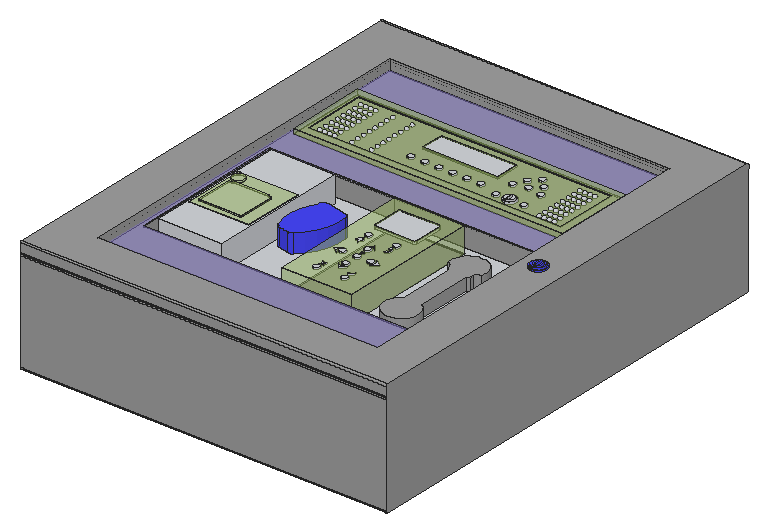
Revit family "Maxlogic Intelligent Addressable Fire Alarm Control Panel, up to 16 Loops, Printer, Telephone, Announce NPTA", category Fire Alarm Devices, host Face, Revit 2022
Family settings
  Host = Face
  Round Connector Dimension = Use Diameter
  Part Type = Normal
  OmniClass Number = 23.85.30.21
  OmniClass Title = Environmental Detection/Registration
  Cut with Voids When Loaded = No
  Maintain Annotation Orientation = Yes
  Shared = No
  Room Calculation Point = No
Parameters (values of type "Maxlogic Intelligent Addressable Fire alarm control panel, 9 loops, 1143 address, network, printer, tel. PA.")
  Weight = "Max. 38,500 kg"
  Weatherproof surface mounting back box = ""
  Warranty Duration Unit = "Year"
  Warranty Duration Parts = "2"
  Warranty Duration Labor = "2"
  Version = ""
  URL = "https://www.mavili.com.tr/en"
  Recessed mounting base = ""
  Public Works Pose Number = ""
  Protection Sign = "IP30"
  Product Code = "ML-1259.NPTA"
  Phone Number = "(+)90 216 466 45 05"
  Operatonal Voltage (default) = ""
  Operating voltage range = ""
  Operating temperature = "(-10°C) - (+55°C)"
  Nominal Depth = "205 mm"
  Nominal Width = "650 mm"
  Nominal Height = "800 mm"
  Mounting surface = "Wall Mount"
  Mounting height = ""
  Model = "MaxLogic"
  Manufacturer = "Mavili Elektronik Ticaret A.Ş."
  Installation Manual = "https://mavilielektronik.com/Revit/ML125XX_enkk.pdf"
  Indicator output = ""
  Fax Number = "(+)90 216 466 45 10"
  External supply = "220 V AC"
  Email = "mavili@mavili.com.tr"
  Disclaimer = ""
  Device Adress Setup = ""
  Description = "Intelligent Addressable Fire alarm control panel, 9 loops, 1143 address, network, printer, tel. PA."
  Default Elevation = 0 mm
  Current consumption = ""
  Cost unıt = ""
  Cost = 0
  Compatible sockets = ""
  Color = "Red"
  Code Performance = "EN 54\u001f-2 / EN 54-\u001f4"
  Main Material = "Metal Red"
  Secondary Material = "Plexiglas"
  Battery = "4 X (12V DC 7 Ah )"
  Address line 1 = "Şerifali Mahallesi Kutup Sokak No:27/1-2-4 Ümraniye TR-34775 İSTANBUL"
Reference planes
  plane 1 "Center (Front/Back)": y = 0
  plane 2: z = 0
  plane 3 "Center (Left/Right)": x = 0
Forms (mm)
  Extrusion 1, solid, material "MAVİLİ KIRMIZI"
    sketch origin (0, 0, 0) x (0, 1, 0) y (0, 0, 1)
      loop
        arc (400, 0) -> (401.202, 0.498) -> (401.7, 1.7) r 1.7
        line (401.7, 1.7) -> (401.7, 20) -> (401.7, 22) -> (401.7, 169.2) -> (401.7, 171.2) -> (401.7, 181.2)
        arc (401.7, 181.2) -> (401.319, 182.119) -> (400.4, 182.5) r 1.3
        line (400.4, 182.5) -> (375.5, 182.5) -> (375.5, 183.35) -> (400.4, 183.35)
        arc (400.4, 183.35) -> (402.238, 184.112) -> (403, 185.95) r 2.6
        line (403, 185.95) -> (403, 202.45)
        arc (403, 202.45) -> (402.268, 204.218) -> (400.5, 204.95) r 2.5
        line (400.5, 204.95) -> (-400.5, 204.95)
        arc (-400.5, 204.95) -> (-402.268, 204.218) -> (-403, 202.45) r 2.5
        line (-403, 202.45) -> (-403, 185.95)
        arc (-403, 185.95) -> (-402.238, 184.112) -> (-400.4, 183.35) r 2.6
        line (-400.4, 183.35) -> (-388, 183.35) -> (-375.4, 183.35) -> (-375.4, 182.507) -> (-400.401, 182.507)
        arc (-400.401, 182.507) -> (-401.319, 182.127) -> (-401.7, 181.208) r 1.299
        line (-401.7, 181.208) -> (-401.7, 1.7)
        arc (-401.7, 1.7) -> (-401.202, 0.498) -> (-400, 0) r 1.7
        line (-400, 0) -> (400, 0)
    from 0 to 653.309
  Extrusion 2, solid, material "MAVİLİ KOYU GRİ"
    sketch origin (0, 400.5, 204.95) x (0, -1, 0) y (1, 0, 0)
      loop
        circle (408.79, 607.566) r 14.964
    from 0 to 1.467
  Extrusion 3, solid, material "MAVİLİ KOYU GRİ"
    sketch origin (0, 400.5, 204.95) x (0, -1, 0) y (1, 0, 0)
      loop
        circle (408.79, 607.566) r 11.5
    from 0 to 3.526
  Extrusion 4, solid, material "MAVİLİ KOYU GRİ"
    sketch origin (0, 400.5, 204.95) x (0, -1, 0) y (1, 0, 0)
      loop
        circle (408.79, 607.566) r 7.5
    from 0 to 4.805
  Extrusion 5, solid, material "MAVİLİ KOYU GRİ"
    sketch origin (0, 400.5, 204.95) x (0, -1, 0) y (1, 0, 0)
      loop
        line (414.975, 609.11) -> (402.606, 609.11) -> (402.606, 606.022) -> (414.975, 606.022) -> (414.975, 609.11)
    from 0 to 7.467
  Extrusion 6, void
    sketch origin (0, 0, 0) x (1, 0, 0) y (0, 1, 0)
      loop
        line (77.8, 322.429) -> (77.8, -327.571) -> (577.8, -327.571) -> (577.8, 322.429) -> (77.8, 322.429)
    from 185.95 to 212.35
  Extrusion 7, solid, material "MAVİLİ BEYAZ"
    sketch origin (0, 0, 185.95) x (1, 0, 0) y (0, 1, 0)
      loop
        line (87.8, 238.929) -> (87.8, 95.929) -> (567.8, 95.929) -> (567.8, 238.929) -> (87.8, 238.929)
    from 0 to 11.04
  Extrusion 8, void
    sketch origin (0, 0, 196.99) x (0, 1, 0) y (1, 0, 0)
      loop
        line (223.929, 102.8) -> (223.929, 552.8) -> (110.929, 552.8) -> (110.929, 102.8) -> (223.929, 102.8)
    from 0 to 2.067
  Revolve 9, solid
    sketch origin (0, 0, 194.923) x (0, 1, 0) y (-1, 0, 0)
      loop
        line (211.929, -117.7) -> (205.929, -117.7)
        arc (205.929, -117.7) -> (208.929, -120.7) -> (211.929, -117.7) r 3
      axis (211.929, -117.7) -> (205.929, -117.7)
    angle from 0 to -180
  Revolve 10, solid
    sketch origin (9, 0, 194.923) x (0, 1, 0) y (-1, 0, 0)
      loop
        line (211.929, -117.7) -> (205.929, -117.7)
        arc (205.929, -117.7) -> (208.929, -120.7) -> (211.929, -117.7) r 3
      axis (211.929, -117.7) -> (205.929, -117.7)
    angle from 0 to -180
  Revolve 11, solid
    sketch origin (18, 0, 194.923) x (0, 1, 0) y (-1, 0, 0)
      loop
        line (211.929, -117.7) -> (205.929, -117.7)
        arc (205.929, -117.7) -> (208.929, -120.7) -> (211.929, -117.7) r 3
      axis (211.929, -117.7) -> (205.929, -117.7)
    angle from 0 to -180
  Revolve 12, solid
    sketch origin (27, 0, 194.923) x (0, 1, 0) y (-1, 0, 0)
      loop
        line (211.929, -117.7) -> (205.929, -117.7)
        arc (205.929, -117.7) -> (208.929, -120.7) -> (211.929, -117.7) r 3
      axis (211.929, -117.7) -> (205.929, -117.7)
    angle from 0 to -180
  Revolve 13, solid
    sketch origin (0, -13, 194.923) x (0, 1, 0) y (-1, 0, 0)
      loop
        line (211.929, -117.7) -> (205.929, -117.7)
        arc (205.929, -117.7) -> (208.929, -120.7) -> (211.929, -117.7) r 3
      axis (211.929, -117.7) -> (205.929, -117.7)
    angle from 0 to -180
  Revolve 14, solid
    sketch origin (9, -13, 194.923) x (0, 1, 0) y (-1, 0, 0)
      loop
        line (211.929, -117.7) -> (205.929, -117.7)
        arc (205.929, -117.7) -> (208.929, -120.7) -> (211.929, -117.7) r 3
      axis (211.929, -117.7) -> (205.929, -117.7)
    angle from 0 to -180
  Revolve 15, solid
    sketch origin (18, -13, 194.923) x (0, 1, 0) y (-1, 0, 0)
      loop
        line (211.929, -117.7) -> (205.929, -117.7)
        arc (205.929, -117.7) -> (208.929, -120.7) -> (211.929, -117.7) r 3
      axis (211.929, -117.7) -> (205.929, -117.7)
    angle from 0 to -180
  Revolve 16, solid
    sketch origin (27, -13, 194.923) x (0, 1, 0) y (-1, 0, 0)
      loop
        line (211.929, -117.7) -> (205.929, -117.7)
        arc (205.929, -117.7) -> (208.929, -120.7) -> (211.929, -117.7) r 3
      axis (211.929, -117.7) -> (205.929, -117.7)
    angle from 0 to -180
  Revolve 17, solid
    sketch origin (0, -26, 194.923) x (0, 1, 0) y (-1, 0, 0)
      loop
        line (211.929, -117.7) -> (205.929, -117.7)
        arc (205.929, -117.7) -> (208.929, -120.7) -> (211.929, -117.7) r 3
      axis (211.929, -117.7) -> (205.929, -117.7)
    angle from 0 to -180
  Revolve 18, solid
    sketch origin (9, -26, 194.923) x (0, 1, 0) y (-1, 0, 0)
      loop
        line (211.929, -117.7) -> (205.929, -117.7)
        arc (205.929, -117.7) -> (208.929, -120.7) -> (211.929, -117.7) r 3
      axis (211.929, -117.7) -> (205.929, -117.7)
    angle from 0 to -180
  Revolve 19, solid
    sketch origin (18, -26, 194.923) x (0, 1, 0) y (-1, 0, 0)
      loop
        line (211.929, -117.7) -> (205.929, -117.7)
        arc (205.929, -117.7) -> (208.929, -120.7) -> (211.929, -117.7) r 3
      axis (211.929, -117.7) -> (205.929, -117.7)
    angle from 0 to -180
  Revolve 20, solid
    sketch origin (27, -26, 194.923) x (0, 1, 0) y (-1, 0, 0)
      loop
        line (211.929, -117.7) -> (205.929, -117.7)
        arc (205.929, -117.7) -> (208.929, -120.7) -> (211.929, -117.7) r 3
      axis (211.929, -117.7) -> (205.929, -117.7)
    angle from 0 to -180
  Revolve 21, solid
    sketch origin (0, -39, 194.923) x (0, 1, 0) y (-1, 0, 0)
      loop
        line (211.929, -117.7) -> (205.929, -117.7)
        arc (205.929, -117.7) -> (208.929, -120.7) -> (211.929, -117.7) r 3
      axis (211.929, -117.7) -> (205.929, -117.7)
    angle from 0 to -180
  Revolve 22, solid
    sketch origin (9, -39, 194.923) x (0, 1, 0) y (-1, 0, 0)
      loop
        line (211.929, -117.7) -> (205.929, -117.7)
        arc (205.929, -117.7) -> (208.929, -120.7) -> (211.929, -117.7) r 3
      axis (211.929, -117.7) -> (205.929, -117.7)
    angle from 0 to -180
  Revolve 23, solid
    sketch origin (18, -39, 194.923) x (0, 1, 0) y (-1, 0, 0)
      loop
        line (211.929, -117.7) -> (205.929, -117.7)
        arc (205.929, -117.7) -> (208.929, -120.7) -> (211.929, -117.7) r 3
      axis (211.929, -117.7) -> (205.929, -117.7)
    angle from 0 to -180
  Revolve 24, solid
    sketch origin (27, -39, 194.923) x (0, 1, 0) y (-1, 0, 0)
      loop
        line (211.929, -117.7) -> (205.929, -117.7)
        arc (205.929, -117.7) -> (208.929, -120.7) -> (211.929, -117.7) r 3
      axis (211.929, -117.7) -> (205.929, -117.7)
    angle from 0 to -180
  Revolve 25, solid
    sketch origin (0, -52, 194.923) x (0, 1, 0) y (-1, 0, 0)
      loop
        line (211.929, -117.7) -> (205.929, -117.7)
        arc (205.929, -117.7) -> (208.929, -120.7) -> (211.929, -117.7) r 3
      axis (211.929, -117.7) -> (205.929, -117.7)
    angle from 0 to -180
  Revolve 26, solid
    sketch origin (9, -52, 194.923) x (0, 1, 0) y (-1, 0, 0)
      loop
        line (211.929, -117.7) -> (205.929, -117.7)
        arc (205.929, -117.7) -> (208.929, -120.7) -> (211.929, -117.7) r 3
      axis (211.929, -117.7) -> (205.929, -117.7)
    angle from 0 to -180
  Revolve 27, solid
    sketch origin (18, -52, 194.923) x (0, 1, 0) y (-1, 0, 0)
      loop
        line (211.929, -117.7) -> (205.929, -117.7)
        arc (205.929, -117.7) -> (208.929, -120.7) -> (211.929, -117.7) r 3
      axis (211.929, -117.7) -> (205.929, -117.7)
    angle from 0 to -180
  Revolve 28, solid
    sketch origin (27, -52, 194.923) x (0, 1, 0) y (-1, 0, 0)
      loop
        line (211.929, -117.7) -> (205.929, -117.7)
        arc (205.929, -117.7) -> (208.929, -120.7) -> (211.929, -117.7) r 3
      axis (211.929, -117.7) -> (205.929, -117.7)
    angle from 0 to -180
  Revolve 29, solid
    sketch origin (0, -65, 194.923) x (0, 1, 0) y (-1, 0, 0)
      loop
        line (211.929, -117.7) -> (205.929, -117.7)
        arc (205.929, -117.7) -> (208.929, -120.7) -> (211.929, -117.7) r 3
      axis (211.929, -117.7) -> (205.929, -117.7)
    angle from 0 to -180
  Revolve 30, solid
    sketch origin (9, -65, 194.923) x (0, 1, 0) y (-1, 0, 0)
      loop
        line (211.929, -117.7) -> (205.929, -117.7)
        arc (205.929, -117.7) -> (208.929, -120.7) -> (211.929, -117.7) r 3
      axis (211.929, -117.7) -> (205.929, -117.7)
    angle from 0 to -180
  Revolve 31, solid
    sketch origin (18, -65, 194.923) x (0, 1, 0) y (-1, 0, 0)
      loop
        line (211.929, -117.7) -> (205.929, -117.7)
        arc (205.929, -117.7) -> (208.929, -120.7) -> (211.929, -117.7) r 3
      axis (211.929, -117.7) -> (205.929, -117.7)
    angle from 0 to -180
  Revolve 32, solid
    sketch origin (27, -65, 194.923) x (0, 1, 0) y (-1, 0, 0)
      loop
        line (211.929, -117.7) -> (205.929, -117.7)
        arc (205.929, -117.7) -> (208.929, -120.7) -> (211.929, -117.7) r 3
      axis (211.929, -117.7) -> (205.929, -117.7)
    angle from 0 to -180
  Revolve 33, solid
    sketch origin (0, -78, 194.923) x (0, 1, 0) y (-1, 0, 0)
      loop
        line (211.929, -117.7) -> (205.929, -117.7)
        arc (205.929, -117.7) -> (208.929, -120.7) -> (211.929, -117.7) r 3
      axis (211.929, -117.7) -> (205.929, -117.7)
    angle from 0 to -180
  Revolve 34, solid
    sketch origin (9, -78, 194.923) x (0, 1, 0) y (-1, 0, 0)
      loop
        line (211.929, -117.7) -> (205.929, -117.7)
        arc (205.929, -117.7) -> (208.929, -120.7) -> (211.929, -117.7) r 3
      axis (211.929, -117.7) -> (205.929, -117.7)
    angle from 0 to -180
  Revolve 35, solid
    sketch origin (18, -78, 194.923) x (0, 1, 0) y (-1, 0, 0)
      loop
        line (211.929, -117.7) -> (205.929, -117.7)
        arc (205.929, -117.7) -> (208.929, -120.7) -> (211.929, -117.7) r 3
      axis (211.929, -117.7) -> (205.929, -117.7)
    angle from 0 to -180
  Revolve 36, solid
    sketch origin (27, -78, 194.923) x (0, 1, 0) y (-1, 0, 0)
      loop
        line (211.929, -117.7) -> (205.929, -117.7)
        arc (205.929, -117.7) -> (208.929, -120.7) -> (211.929, -117.7) r 3
      axis (211.929, -117.7) -> (205.929, -117.7)
    angle from 0 to -180
  Revolve 37, solid
    sketch origin (0, -91, 194.923) x (0, 1, 0) y (-1, 0, 0)
      loop
        line (211.929, -117.7) -> (205.929, -117.7)
        arc (205.929, -117.7) -> (208.929, -120.7) -> (211.929, -117.7) r 3
      axis (211.929, -117.7) -> (205.929, -117.7)
    angle from 0 to -180
  Revolve 38, solid
    sketch origin (9, -91, 194.923) x (0, 1, 0) y (-1, 0, 0)
      loop
        line (211.929, -117.7) -> (205.929, -117.7)
        arc (205.929, -117.7) -> (208.929, -120.7) -> (211.929, -117.7) r 3
      axis (211.929, -117.7) -> (205.929, -117.7)
    angle from 0 to -180
  Revolve 39, solid
    sketch origin (18, -91, 194.923) x (0, 1, 0) y (-1, 0, 0)
      loop
        line (211.929, -117.7) -> (205.929, -117.7)
        arc (205.929, -117.7) -> (208.929, -120.7) -> (211.929, -117.7) r 3
      axis (211.929, -117.7) -> (205.929, -117.7)
    angle from 0 to -180
  Revolve 40, solid
    sketch origin (27, -91, 194.923) x (0, 1, 0) y (-1, 0, 0)
      loop
        line (211.929, -117.7) -> (205.929, -117.7)
        arc (205.929, -117.7) -> (208.929, -120.7) -> (211.929, -117.7) r 3
      axis (211.929, -117.7) -> (205.929, -117.7)
    angle from 0 to -180
  Revolve 41, solid
    sketch origin (57, 0, 194.923) x (0, 1, 0) y (-1, 0, 0)
      loop
        line (211.929, -117.7) -> (205.929, -117.7)
        arc (205.929, -117.7) -> (208.929, -120.7) -> (211.929, -117.7) r 3
      axis (211.929, -117.7) -> (205.929, -117.7)
    angle from 0 to -180
  Revolve 42, solid
    sketch origin (57, -13, 194.923) x (0, 1, 0) y (-1, 0, 0)
      loop
        line (211.929, -117.7) -> (205.929, -117.7)
        arc (205.929, -117.7) -> (208.929, -120.7) -> (211.929, -117.7) r 3
      axis (211.929, -117.7) -> (205.929, -117.7)
    angle from 0 to -180
  Revolve 43, solid
    sketch origin (57, -26, 194.923) x (0, 1, 0) y (-1, 0, 0)
      loop
        line (211.929, -117.7) -> (205.929, -117.7)
        arc (205.929, -117.7) -> (208.929, -120.7) -> (211.929, -117.7) r 3
      axis (211.929, -117.7) -> (205.929, -117.7)
    angle from 0 to -180
  Revolve 44, solid
    sketch origin (57, -39, 194.923) x (0, 1, 0) y (-1, 0, 0)
      loop
        line (211.929, -117.7) -> (205.929, -117.7)
        arc (205.929, -117.7) -> (208.929, -120.7) -> (211.929, -117.7) r 3
      axis (211.929, -117.7) -> (205.929, -117.7)
    angle from 0 to -180
  Revolve 45, solid
    sketch origin (57, -52, 194.923) x (0, 1, 0) y (-1, 0, 0)
      loop
        line (211.929, -117.7) -> (205.929, -117.7)
        arc (205.929, -117.7) -> (208.929, -120.7) -> (211.929, -117.7) r 3
      axis (211.929, -117.7) -> (205.929, -117.7)
    angle from 0 to -180
  Revolve 46, solid
    sketch origin (57, -65, 194.923) x (0, 1, 0) y (-1, 0, 0)
      loop
        line (211.929, -117.7) -> (205.929, -117.7)
        arc (205.929, -117.7) -> (208.929, -120.7) -> (211.929, -117.7) r 3
      axis (211.929, -117.7) -> (205.929, -117.7)
    angle from 0 to -180
  Revolve 47, solid
    sketch origin (57, -78, 194.923) x (0, 1, 0) y (-1, 0, 0)
      loop
        line (211.929, -117.7) -> (205.929, -117.7)
        arc (205.929, -117.7) -> (208.929, -120.7) -> (211.929, -117.7) r 3
      axis (211.929, -117.7) -> (205.929, -117.7)
    angle from 0 to -180
  Revolve 48, solid
    sketch origin (57, -91, 194.923) x (0, 1, 0) y (-1, 0, 0)
      loop
        line (211.929, -117.7) -> (205.929, -117.7)
        arc (205.929, -117.7) -> (208.929, -120.7) -> (211.929, -117.7) r 3
      axis (211.929, -117.7) -> (205.929, -117.7)
    angle from 0 to -180
  Revolve 49, solid
    sketch origin (92, 0, 194.923) x (0, 1, 0) y (-1, 0, 0)
      loop
        line (211.929, -117.7) -> (205.929, -117.7)
        arc (205.929, -117.7) -> (208.929, -120.7) -> (211.929, -117.7) r 3
      axis (211.929, -117.7) -> (205.929, -117.7)
    angle from 0 to -180
  Revolve 50, solid
    sketch origin (92, -13, 194.923) x (0, 1, 0) y (-1, 0, 0)
      loop
        line (211.929, -117.7) -> (205.929, -117.7)
        arc (205.929, -117.7) -> (208.929, -120.7) -> (211.929, -117.7) r 3
      axis (211.929, -117.7) -> (205.929, -117.7)
    angle from 0 to -180
  Revolve 51, solid
    sketch origin (92, -26, 194.923) x (0, 1, 0) y (-1, 0, 0)
      loop
        line (211.929, -117.7) -> (205.929, -117.7)
        arc (205.929, -117.7) -> (208.929, -120.7) -> (211.929, -117.7) r 3
      axis (211.929, -117.7) -> (205.929, -117.7)
    angle from 0 to -180
  Revolve 52, solid
    sketch origin (92, -39, 194.923) x (0, 1, 0) y (-1, 0, 0)
      loop
        line (211.929, -117.7) -> (205.929, -117.7)
        arc (205.929, -117.7) -> (208.929, -120.7) -> (211.929, -117.7) r 3
      axis (211.929, -117.7) -> (205.929, -117.7)
    angle from 0 to -180
  Revolve 53, solid
    sketch origin (92, -52, 194.923) x (0, 1, 0) y (-1, 0, 0)
      loop
        line (211.929, -117.7) -> (205.929, -117.7)
        arc (205.929, -117.7) -> (208.929, -120.7) -> (211.929, -117.7) r 3
      axis (211.929, -117.7) -> (205.929, -117.7)
    angle from 0 to -180
  Revolve 54, solid
    sketch origin (92, -65, 194.923) x (0, 1, 0) y (-1, 0, 0)
      loop
        line (211.929, -117.7) -> (205.929, -117.7)
        arc (205.929, -117.7) -> (208.929, -120.7) -> (211.929, -117.7) r 3
      axis (211.929, -117.7) -> (205.929, -117.7)
    angle from 0 to -180
  Revolve 55, solid
    sketch origin (92, -78, 194.923) x (0, 1, 0) y (-1, 0, 0)
      loop
        line (211.929, -117.7) -> (205.929, -117.7)
        arc (205.929, -117.7) -> (208.929, -120.7) -> (211.929, -117.7) r 3
      axis (211.929, -117.7) -> (205.929, -117.7)
    angle from 0 to -180
  Revolve 56, solid
    sketch origin (92, -91, 194.923) x (0, 1, 0) y (-1, 0, 0)
      loop
        line (211.929, -117.7) -> (205.929, -117.7)
        arc (205.929, -117.7) -> (208.929, -120.7) -> (211.929, -117.7) r 3
      axis (211.929, -117.7) -> (205.929, -117.7)
    angle from 0 to -180
  Extrusion 57, solid
    sketch origin (0, 0, 194.923) x (0, 1, 0) y (-1, 0, 0)
      loop
        circle (137.429, -264.2) r 5.5
    from 0 to 1.44
  Extrusion 58, solid
    sketch origin (25, 0, 194.923) x (0, 1, 0) y (-1, 0, 0)
      loop
        circle (137.429, -264.2) r 5.5
    from 0 to 1.44
  Extrusion 59, solid
    sketch origin (50, 0, 194.923) x (0, 1, 0) y (-1, 0, 0)
      loop
        circle (137.429, -264.2) r 5.5
    from 0 to 1.44
  Extrusion 60, solid
    sketch origin (75, 0, 194.923) x (0, 1, 0) y (-1, 0, 0)
      loop
        circle (137.429, -264.2) r 5.5
    from 0 to 1.44
  Extrusion 61, solid
    sketch origin (100, 0, 194.923) x (0, 1, 0) y (-1, 0, 0)
      loop
        circle (137.429, -264.2) r 5.5
    from 0 to 1.44
  Extrusion 62, solid
    sketch origin (125, 0, 194.923) x (0, 1, 0) y (-1, 0, 0)
      loop
        circle (137.429, -264.2) r 5.5
    from 0 to 1.44
  Extrusion 63, solid
    sketch origin (159.838, -9.99, 194.923) x (0, 1, 0) y (-1, 0, 0)
      loop
        circle (137.429, -264.2) r 5.5
    from 0 to 1.44
  Extrusion 64, solid
    sketch origin (209.838, -9.99, 194.923) x (0, 1, 0) y (-1, 0, 0)
      loop
        circle (137.429, -264.2) r 5.5
    from 0 to 1.44
  Extrusion 65, solid
    sketch origin (209.838, 27.51, 194.923) x (0, 1, 0) y (-1, 0, 0)
      loop
        circle (137.429, -264.2) r 5.5
    from 0 to 1.44
  Extrusion 66, solid
    sketch origin (184.09, 32.515, 194.923) x (0, 1, 0) y (-1, 0, 0)
      loop
        circle (137.429, -264.2) r 5.5
    from 0 to 1.44
  Extrusion 67, solid
    sketch origin (159.636, 27.318, 194.923) x (0, 1, 0) y (-1, 0, 0)
      loop
        circle (137.429, -264.2) r 5.5
    from 0 to 1.44
  Extrusion 68, solid
    sketch origin (169.48, 47.5, 194.923) x (0, 1, 0) y (-1, 0, 0)
      loop
        circle (137.429, -264.2) r 5.5
    from 0 to 1.44
  Extrusion 69, solid
    sketch origin (199.52, 47.5, 194.923) x (0, 1, 0) y (-1, 0, 0)
      loop
        circle (137.429, -264.2) r 5.5
    from 0 to 1.44
  Extrusion 70, solid
    sketch origin (184.52, 62.5, 194.923) x (0, 1, 0) y (-1, 0, 0)
      loop
        circle (137.429, -264.2) r 5.5
    from 0 to 1.44
  Revolve 71, solid
    sketch origin (391, 0, 194.923) x (0, 1, 0) y (-1, 0, 0)
      loop
        line (211.929, -117.7) -> (205.929, -117.7)
        arc (205.929, -117.7) -> (208.929, -120.7) -> (211.929, -117.7) r 3
      axis (211.929, -117.7) -> (205.929, -117.7)
    angle from 0 to -180
  Revolve 72, solid
    sketch origin (400, 0, 194.923) x (0, 1, 0) y (-1, 0, 0)
      loop
        line (211.929, -117.7) -> (205.929, -117.7)
        arc (205.929, -117.7) -> (208.929, -120.7) -> (211.929, -117.7) r 3
      axis (211.929, -117.7) -> (205.929, -117.7)
    angle from 0 to -180
  Revolve 73, solid
    sketch origin (409, 0, 194.923) x (0, 1, 0) y (-1, 0, 0)
      loop
        line (211.929, -117.7) -> (205.929, -117.7)
        arc (205.929, -117.7) -> (208.929, -120.7) -> (211.929, -117.7) r 3
      axis (211.929, -117.7) -> (205.929, -117.7)
    angle from 0 to -180
  Revolve 74, solid
    sketch origin (418, 0, 194.923) x (0, 1, 0) y (-1, 0, 0)
      loop
        line (211.929, -117.7) -> (205.929, -117.7)
        arc (205.929, -117.7) -> (208.929, -120.7) -> (211.929, -117.7) r 3
      axis (211.929, -117.7) -> (205.929, -117.7)
    angle from 0 to -180
  Revolve 75, solid
    sketch origin (391, -13, 194.923) x (0, 1, 0) y (-1, 0, 0)
      loop
        line (211.929, -117.7) -> (205.929, -117.7)
        arc (205.929, -117.7) -> (208.929, -120.7) -> (211.929, -117.7) r 3
      axis (211.929, -117.7) -> (205.929, -117.7)
    angle from 0 to -180
  Revolve 76, solid
    sketch origin (400, -13, 194.923) x (0, 1, 0) y (-1, 0, 0)
      loop
        line (211.929, -117.7) -> (205.929, -117.7)
        arc (205.929, -117.7) -> (208.929, -120.7) -> (211.929, -117.7) r 3
      axis (211.929, -117.7) -> (205.929, -117.7)
    angle from 0 to -180
  Revolve 77, solid
    sketch origin (409, -13, 194.923) x (0, 1, 0) y (-1, 0, 0)
      loop
        line (211.929, -117.7) -> (205.929, -117.7)
        arc (205.929, -117.7) -> (208.929, -120.7) -> (211.929, -117.7) r 3
      axis (211.929, -117.7) -> (205.929, -117.7)
    angle from 0 to -180
  Revolve 78, solid
    sketch origin (418, -13, 194.923) x (0, 1, 0) y (-1, 0, 0)
      loop
        line (211.929, -117.7) -> (205.929, -117.7)
        arc (205.929, -117.7) -> (208.929, -120.7) -> (211.929, -117.7) r 3
      axis (211.929, -117.7) -> (205.929, -117.7)
    angle from 0 to -180
  Revolve 79, solid
    sketch origin (391, -26, 194.923) x (0, 1, 0) y (-1, 0, 0)
      loop
        line (211.929, -117.7) -> (205.929, -117.7)
        arc (205.929, -117.7) -> (208.929, -120.7) -> (211.929, -117.7) r 3
      axis (211.929, -117.7) -> (205.929, -117.7)
    angle from 0 to -180
  Revolve 80, solid
    sketch origin (400, -26, 194.923) x (0, 1, 0) y (-1, 0, 0)
      loop
        line (211.929, -117.7) -> (205.929, -117.7)
        arc (205.929, -117.7) -> (208.929, -120.7) -> (211.929, -117.7) r 3
      axis (211.929, -117.7) -> (205.929, -117.7)
    angle from 0 to -180
  Revolve 81, solid
    sketch origin (409, -26, 194.923) x (0, 1, 0) y (-1, 0, 0)
      loop
        line (211.929, -117.7) -> (205.929, -117.7)
        arc (205.929, -117.7) -> (208.929, -120.7) -> (211.929, -117.7) r 3
      axis (211.929, -117.7) -> (205.929, -117.7)
    angle from 0 to -180
  Revolve 82, solid
    sketch origin (418, -26, 194.923) x (0, 1, 0) y (-1, 0, 0)
      loop
        line (211.929, -117.7) -> (205.929, -117.7)
        arc (205.929, -117.7) -> (208.929, -120.7) -> (211.929, -117.7) r 3
      axis (211.929, -117.7) -> (205.929, -117.7)
    angle from 0 to -180
  Revolve 83, solid
    sketch origin (391, -39, 194.923) x (0, 1, 0) y (-1, 0, 0)
      loop
        line (211.929, -117.7) -> (205.929, -117.7)
        arc (205.929, -117.7) -> (208.929, -120.7) -> (211.929, -117.7) r 3
      axis (211.929, -117.7) -> (205.929, -117.7)
    angle from 0 to -180
  Revolve 84, solid
    sketch origin (400, -39, 194.923) x (0, 1, 0) y (-1, 0, 0)
      loop
        line (211.929, -117.7) -> (205.929, -117.7)
        arc (205.929, -117.7) -> (208.929, -120.7) -> (211.929, -117.7) r 3
      axis (211.929, -117.7) -> (205.929, -117.7)
    angle from 0 to -180
  Revolve 85, solid
    sketch origin (409, -39, 194.923) x (0, 1, 0) y (-1, 0, 0)
      loop
        line (211.929, -117.7) -> (205.929, -117.7)
        arc (205.929, -117.7) -> (208.929, -120.7) -> (211.929, -117.7) r 3
      axis (211.929, -117.7) -> (205.929, -117.7)
    angle from 0 to -180
  Revolve 86, solid
    sketch origin (418, -39, 194.923) x (0, 1, 0) y (-1, 0, 0)
      loop
        line (211.929, -117.7) -> (205.929, -117.7)
        arc (205.929, -117.7) -> (208.929, -120.7) -> (211.929, -117.7) r 3
      axis (211.929, -117.7) -> (205.929, -117.7)
    angle from 0 to -180
  Revolve 87, solid
    sketch origin (391, -52, 194.923) x (0, 1, 0) y (-1, 0, 0)
      loop
        line (211.929, -117.7) -> (205.929, -117.7)
        arc (205.929, -117.7) -> (208.929, -120.7) -> (211.929, -117.7) r 3
      axis (211.929, -117.7) -> (205.929, -117.7)
    angle from 0 to -180
  Revolve 88, solid
    sketch origin (400, -52, 194.923) x (0, 1, 0) y (-1, 0, 0)
      loop
        line (211.929, -117.7) -> (205.929, -117.7)
        arc (205.929, -117.7) -> (208.929, -120.7) -> (211.929, -117.7) r 3
      axis (211.929, -117.7) -> (205.929, -117.7)
    angle from 0 to -180
  Revolve 89, solid
    sketch origin (409, -52, 194.923) x (0, 1, 0) y (-1, 0, 0)
      loop
        line (211.929, -117.7) -> (205.929, -117.7)
        arc (205.929, -117.7) -> (208.929, -120.7) -> (211.929, -117.7) r 3
      axis (211.929, -117.7) -> (205.929, -117.7)
    angle from 0 to -180
  Revolve 90, solid
    sketch origin (418, -52, 194.923) x (0, 1, 0) y (-1, 0, 0)
      loop
        line (211.929, -117.7) -> (205.929, -117.7)
        arc (205.929, -117.7) -> (208.929, -120.7) -> (211.929, -117.7) r 3
      axis (211.929, -117.7) -> (205.929, -117.7)
    angle from 0 to -180
  Revolve 91, solid
    sketch origin (391, -65, 194.923) x (0, 1, 0) y (-1, 0, 0)
      loop
        line (211.929, -117.7) -> (205.929, -117.7)
        arc (205.929, -117.7) -> (208.929, -120.7) -> (211.929, -117.7) r 3
      axis (211.929, -117.7) -> (205.929, -117.7)
    angle from 0 to -180
  Revolve 92, solid
    sketch origin (400, -65, 194.923) x (0, 1, 0) y (-1, 0, 0)
      loop
        line (211.929, -117.7) -> (205.929, -117.7)
        arc (205.929, -117.7) -> (208.929, -120.7) -> (211.929, -117.7) r 3
      axis (211.929, -117.7) -> (205.929, -117.7)
    angle from 0 to -180
  Revolve 93, solid
    sketch origin (409, -65, 194.923) x (0, 1, 0) y (-1, 0, 0)
      loop
        line (211.929, -117.7) -> (205.929, -117.7)
        arc (205.929, -117.7) -> (208.929, -120.7) -> (211.929, -117.7) r 3
      axis (211.929, -117.7) -> (205.929, -117.7)
    angle from 0 to -180
  Revolve 94, solid
    sketch origin (418, -65, 194.923) x (0, 1, 0) y (-1, 0, 0)
      loop
        line (211.929, -117.7) -> (205.929, -117.7)
        arc (205.929, -117.7) -> (208.929, -120.7) -> (211.929, -117.7) r 3
      axis (211.929, -117.7) -> (205.929, -117.7)
    angle from 0 to -180
  Revolve 95, solid
    sketch origin (391, -78, 194.923) x (0, 1, 0) y (-1, 0, 0)
      loop
        line (211.929, -117.7) -> (205.929, -117.7)
        arc (205.929, -117.7) -> (208.929, -120.7) -> (211.929, -117.7) r 3
      axis (211.929, -117.7) -> (205.929, -117.7)
    angle from 0 to -180
  Revolve 96, solid
    sketch origin (400, -78, 194.923) x (0, 1, 0) y (-1, 0, 0)
      loop
        line (211.929, -117.7) -> (205.929, -117.7)
        arc (205.929, -117.7) -> (208.929, -120.7) -> (211.929, -117.7) r 3
      axis (211.929, -117.7) -> (205.929, -117.7)
    angle from 0 to -180
  Revolve 97, solid
    sketch origin (409, -78, 194.923) x (0, 1, 0) y (-1, 0, 0)
      loop
        line (211.929, -117.7) -> (205.929, -117.7)
        arc (205.929, -117.7) -> (208.929, -120.7) -> (211.929, -117.7) r 3
      axis (211.929, -117.7) -> (205.929, -117.7)
    angle from 0 to -180
  Revolve 98, solid
    sketch origin (418, -78, 194.923) x (0, 1, 0) y (-1, 0, 0)
      loop
        line (211.929, -117.7) -> (205.929, -117.7)
        arc (205.929, -117.7) -> (208.929, -120.7) -> (211.929, -117.7) r 3
      axis (211.929, -117.7) -> (205.929, -117.7)
    angle from 0 to -180
  Revolve 99, solid
    sketch origin (391, -91, 194.923) x (0, 1, 0) y (-1, 0, 0)
      loop
        line (211.929, -117.7) -> (205.929, -117.7)
        arc (205.929, -117.7) -> (208.929, -120.7) -> (211.929, -117.7) r 3
      axis (211.929, -117.7) -> (205.929, -117.7)
    angle from 0 to -180
  Revolve 100, solid
    sketch origin (400, -91, 194.923) x (0, 1, 0) y (-1, 0, 0)
      loop
        line (211.929, -117.7) -> (205.929, -117.7)
        arc (205.929, -117.7) -> (208.929, -120.7) -> (211.929, -117.7) r 3
      axis (211.929, -117.7) -> (205.929, -117.7)
    angle from 0 to -180
  Revolve 101, solid
    sketch origin (409, -91, 194.923) x (0, 1, 0) y (-1, 0, 0)
      loop
        line (211.929, -117.7) -> (205.929, -117.7)
        arc (205.929, -117.7) -> (208.929, -120.7) -> (211.929, -117.7) r 3
      axis (211.929, -117.7) -> (205.929, -117.7)
    angle from 0 to -180
  Revolve 102, solid
    sketch origin (418, -91, 194.923) x (0, 1, 0) y (-1, 0, 0)
      loop
        line (211.929, -117.7) -> (205.929, -117.7)
        arc (205.929, -117.7) -> (208.929, -120.7) -> (211.929, -117.7) r 3
      axis (211.929, -117.7) -> (205.929, -117.7)
    angle from 0 to -180
  Extrusion 103, solid
    sketch origin (0, 0, 194.923) x (0, 1, 0) y (-1, 0, 0)
      loop
        circle (127.429, -448.7) r 11
    from 0 to 3
  Extrusion 104, solid
    sketch origin (0, 0, 194.923) x (0, 1, 0) y (-1, 0, 0)
      loop
        circle (127.429, -448.7) r 8.113
    from 0 to 5
  Extrusion 105, solid
    sketch origin (0, 0, 194.923) x (0, 1, 0) y (-1, 0, 0)
      loop
        line (131.17, -447.45) -> (121.17, -447.45) -> (121.17, -449.95) -> (131.17, -449.95) -> (131.17, -447.45)
    from 0 to 7
  Extrusion 106, void
    sketch origin (0, 0, 194.923) x (-1, 0, 0) y (0, 1, 0)
      loop
        line (-259.7, 210.929) -> (-393.7, 210.929) -> (-393.7, 169.929) -> (-259.7, 169.929) -> (-259.7, 210.929)
    from 0 to 4.399
  Extrusion 107, solid, material "MAVİLİ SİYAH"
    sketch origin (0, 0, 185.95) x (1, 0, 0) y (0, 1, 0)
      loop
        line (77.8, 322.429) -> (77.8, -327.571) -> (577.8, -327.571) -> (577.8, 322.429) -> (77.8, 322.429)
      loop
        line (87.8, 238.929) -> (87.8, 95.929) -> (567.8, 95.929) -> (567.8, 238.929) -> (87.8, 238.929)
      loop
        line (87.8, 44.429) -> (87.8, -237.571) -> (567.8, -237.571) -> (567.8, 44.429) -> (87.8, 44.429)
    from 0 to 2
  Extrusion 108, void
    sketch origin (0, 0, 185.95) x (0, 1, 0) y (1, 0, 0)
      loop
        line (44.429, 87.8) -> (44.429, 567.8) -> (-237.571, 567.8) -> (-237.571, 87.8) -> (44.429, 87.8)
    from -8.973 to 35.649
  Extrusion 109, solid, material "MAVİLİ BEYAZ"
    sketch origin (0, 0, 150.301) x (0, 1, 0) y (-1, 0, 0)
      loop
        line (29.429, -322.2) -> (-222.571, -322.2) -> (-222.571, -447.2) -> (29.429, -447.2) -> (29.429, -322.2)
    from 0 to 46.689
  Extrusion 110, void
    sketch origin (0, 0, 196.99) x (-1, 0, 0) y (0, 1, 0)
      loop
        arc (-418.722, 7.929) -> (-420.828, 7.057) -> (-421.7, 4.952) r 2.978
        line (-421.7, 4.952) -> (-421.7, -46.721)
        arc (-421.7, -46.721) -> (-420.719, -49.09) -> (-418.35, -50.071) r 3.35
        line (-418.35, -50.071) -> (-350.678, -50.071)
        arc (-350.678, -50.071) -> (-348.572, -49.199) -> (-347.7, -47.093) r 2.978
        line (-347.7, -47.093) -> (-347.7, 4.579)
        arc (-347.7, 4.579) -> (-348.681, 6.948) -> (-351.05, 7.929) r 3.35
        line (-351.05, 7.929) -> (-418.722, 7.929)
    from 0 to 4.328
  Extrusion 111, solid
    sketch origin (0, 0, 196.99) x (0, 1, 0) y (-1, 0, 0)
      loop
        circle (-76.571, -359.7) r 5.5
    from 0 to 1.215
  Extrusion 112, solid
    sketch origin (50, 0, 196.99) x (0, 1, 0) y (-1, 0, 0)
      loop
        circle (-76.571, -359.7) r 5.5
    from 0 to 1.215
  Extrusion 113, solid
    sketch origin (24.619, -32.487, 196.99) x (0, 1, 0) y (-1, 0, 0)
      loop
        circle (-76.571, -359.7) r 5.5
    from 0 to 1.215
  Extrusion 114, solid
    sketch origin (-0.381, -57.487, 196.99) x (0, 1, 0) y (-1, 0, 0)
      loop
        circle (-76.571, -359.7) r 5.5
    from 0 to 1.215
  Extrusion 115, solid
    sketch origin (25.381, -57.487, 196.99) x (0, 1, 0) y (-1, 0, 0)
      loop
        circle (-76.571, -359.7) r 5.5
    from 0 to 1.215
  Extrusion 116, solid
    sketch origin (50.381, -57.487, 196.99) x (0, 1, 0) y (-1, 0, 0)
      loop
        circle (-76.571, -359.7) r 5.5
    from 0 to 1.215
  Extrusion 117, solid
    sketch origin (25.381, -82.487, 196.99) x (0, 1, 0) y (-1, 0, 0)
      loop
        circle (-76.571, -359.7) r 5.5
    from 0 to 1.215
  Extrusion 118, solid
    sketch origin (-0.381, -114.987, 196.99) x (0, 1, 0) y (-1, 0, 0)
      loop
        circle (-76.571, -359.7) r 5.5
    from 0 to 1.215
  Extrusion 119, solid
    sketch origin (49.619, -114.987, 196.99) x (0, 1, 0) y (-1, 0, 0)
      loop
        circle (-76.571, -359.7) r 5.5
    from 0 to 1.215
  Extrusion 120, solid
    sketch origin (0, 0, 196.99) x (0, 1, 0) y (-1, 0, 0)
      loop
        line (-89.858, -352.987) -> (-95.854, -352.987) -> (-95.854, -355.963) -> (-100.567, -360.676) -> (-95.341, -360.676)
        arc (-95.341, -360.676) -> (-92.599, -363.417) -> (-89.858, -360.676) r 2.741
        line (-89.858, -360.676) -> (-85.146, -360.676) -> (-89.858, -355.964) -> (-89.858, -352.987)
      loop
        line (-95.854, -407.275) -> (-100.553, -405.565) -> (-101.361, -407.785)
        arc (-101.361, -407.785) -> (-101.458, -408.8) -> (-101.05, -409.734) r 2.031
        arc (-101.05, -409.734) -> (-93.528, -413.779) -> (-85.449, -411.014) r 10.675
        arc (-85.449, -411.014) -> (-84.55, -409.677) -> (-84.379, -408.075) r 3.353
        line (-84.379, -408.075) -> (-85.581, -405.827) -> (-89.619, -406.909) -> (-89.619, -408.398) -> (-89.049, -410.524)
        arc (-89.049, -410.524) -> (-92.67, -411.132) -> (-96.212, -410.164) r 8.549
        line (-96.212, -410.164) -> (-96.588, -408.76) -> (-95.854, -407.275)
      loop
        line (-93.81, -384.7) -> (-104.148, -376.91)
        arc (-104.148, -376.91) -> (-100.273, -384.682) -> (-104.148, -392.454) r 9.731
        line (-104.148, -392.454) -> (-93.81, -384.7)
      loop
        line (-174.331, -384.7) -> (-163.993, -392.454)
        arc (-163.993, -392.454) -> (-167.868, -384.682) -> (-163.993, -376.91) r 9.731
        line (-163.993, -376.91) -> (-174.331, -384.7)
      loop
        line (-134.141, -344.364) -> (-141.931, -354.674)
        arc (-141.931, -354.674) -> (-134.146, -350.827) -> (-126.388, -354.73) r 9.731
        line (-126.388, -354.73) -> (-134.141, -344.364)
      loop
        line (-134.141, -425.103) -> (-126.388, -414.737)
        arc (-126.388, -414.737) -> (-134.146, -418.64) -> (-141.931, -414.793) r 9.731
        line (-141.931, -414.793) -> (-134.141, -425.103)
      loop
        line (-126.825, -383.681) -> (-126.825, -385.786) -> (-124.969, -385.786) -> (-124.969, -383.681) -> (-126.825, -383.681)
      loop
        line (-124.447, -383.681) -> (-124.447, -385.786)
        arc (-124.447, -385.786) -> (-122.792, -386.657) -> (-121.283, -387.763) r 12.659
        arc (-121.283, -387.763) -> (-119.016, -384.799) -> (-121.581, -382.088) r 2.878
        line (-121.581, -382.088) -> (-121.792, -384.043)
        arc (-121.792, -384.043) -> (-120.648, -384.671) -> (-121.666, -385.489) r 0.785
        arc (-121.666, -385.489) -> (-122.825, -384.228) -> (-124.447, -383.681) r 3.448
      loop
        line (-176.884, -359.802) -> (-174.478, -358.413) -> (-174.478, -355.74) -> (-178.427, -358.02) -> (-182.428, -355.52) -> (-182.428, -358.254) -> (-179.951, -359.802) -> (-182.428, -361.35) -> (-182.428, -364.084) -> (-178.427, -361.584) -> (-174.478, -363.864) -> (-174.478, -361.191) -> (-176.884, -359.802)
      loop
        line (-176.139, -406.226) -> (-177.823, -404.542) -> (-182.442, -408.023) -> (-172.567, -414.401) -> (-171.327, -413.162) -> (-178.875, -408.287) -> (-176.139, -406.226)
    from 0 to 0.622
  Extrusion 121, solid
    sketch origin (0, 0, 192.662) x (-1, 0, 0) y (0, -1, 0)
      loop
        line (-347.7, -4.579) -> (-347.7, 47.093)
        arc (-347.7, 47.093) -> (-348.572, 49.199) -> (-350.678, 50.071) r 2.978
        line (-350.678, 50.071) -> (-418.35, 50.071)
        arc (-418.35, 50.071) -> (-420.719, 49.09) -> (-421.7, 46.721) r 3.35
        line (-421.7, 46.721) -> (-421.7, -4.952)
        arc (-421.7, -4.952) -> (-420.828, -7.057) -> (-418.722, -7.929) r 2.978
        line (-418.722, -7.929) -> (-351.05, -7.929)
        arc (-351.05, -7.929) -> (-348.681, -6.948) -> (-347.7, -4.579) r 3.35
    from 0 to 2.854
  Extrusion 122, solid
    sketch origin (0, 0, 192.662) x (-1, 0, 0) y (0, -1, 0)
      loop
        line (-393.7, -210.929) -> (-259.7, -210.929) -> (-259.7, -169.929) -> (-393.7, -169.929) -> (-393.7, -210.929)
    from 0 to 1.011
  Extrusion 123, solid, material "MAVİLİ KOYU GRİ"
    sketch origin (0, 0, 150.301) x (0, 1, 0) y (-1, 0, 0)
      loop
        arc (-118.26, -259.979) -> (-82.16, -283.406) -> (-39.468, -288.83) r 96.607
        arc (-39.468, -288.83) -> (-34.245, -286.777) -> (-31.276, -282.016) r 8.937
        line (-31.276, -282.016) -> (-22.533, -246.022)
        arc (-22.533, -246.022) -> (-24.6, -238.558) -> (-30.858, -233.996) r 11.764
        line (-30.858, -233.996) -> (-43.139, -227.999)
        arc (-43.139, -227.999) -> (-76.394, -221.027) -> (-110.006, -226.001) r 96.607
        arc (-110.006, -226.001) -> (-114.499, -227.861) -> (-116.36, -232.354) r 6.353
        line (-116.36, -232.354) -> (-120.735, -251.043)
        arc (-120.735, -251.043) -> (-120.639, -255.827) -> (-118.26, -259.979) r 9.666
    from 0 to 33.722
  Extrusion 124, solid
    sketch origin (0, 0, 150.301) x (0, 1, 0) y (-1, 0, 0)
      loop
        line (29.429, -102.8) -> (-222.571, -102.8) -> (-222.571, -215.2) -> (29.429, -215.2) -> (29.429, -102.8)
    from 0 to 46.7
  Extrusion 125, solid, material "MAVİLİ BEYAZ"
    sketch origin (0, 0, 197.001) x (0, 1, 0) y (-1, 0, 0)
      loop
        circle (-65.071, -119.2) r 10.8
    from 0 to 3.641
  Extrusion 126, solid, material "MAVİLİ BEYAZ"
    sketch origin (0, 0, 197.001) x (0, 1, 0) y (-1, 0, 0)
      loop
        line (-148.571, -115.7) -> (-148.571, -189.7)
        arc (-148.571, -189.7) -> (-148.278, -190.407) -> (-147.571, -190.7) r 1
        line (-147.571, -190.7) -> (-81.571, -190.7)
        arc (-81.571, -190.7) -> (-80.864, -190.407) -> (-80.571, -189.7) r 1
        line (-80.571, -189.7) -> (-80.571, -184.95) -> (-78.071, -184.95) -> (-78.071, -120.45) -> (-80.571, -120.45) -> (-80.571, -115.7)
        arc (-80.571, -115.7) -> (-80.864, -114.993) -> (-81.571, -114.7) r 1
        line (-81.571, -114.7) -> (-147.571, -114.7)
        arc (-147.571, -114.7) -> (-148.278, -114.993) -> (-148.571, -115.7) r 1
    from 0 to 3.641
  Extrusion 127, solid, material "MAVİLİ BEYAZ"
    sketch origin (0, 0, 197.001) x (0, 1, 0) y (-1, 0, 0)
      loop
        line (-48.99, -105.781) -> (-158.99, -105.781) -> (-158.99, -212.776) -> (-48.99, -212.776) -> (-48.99, -105.781)
      loop
        circle (-65.071, -119.2) r 10.8
      loop
        line (-78.071, -184.95) -> (-78.071, -120.45) -> (-80.571, -120.45) -> (-80.571, -115.7)
        arc (-80.571, -115.7) -> (-80.864, -114.993) -> (-81.571, -114.7) r 1
        line (-81.571, -114.7) -> (-147.571, -114.7)
        arc (-147.571, -114.7) -> (-148.278, -114.993) -> (-148.571, -115.7) r 1
        line (-148.571, -115.7) -> (-148.571, -189.7)
        arc (-148.571, -189.7) -> (-148.278, -190.407) -> (-147.571, -190.7) r 1
        line (-147.571, -190.7) -> (-81.571, -190.7)
        arc (-81.571, -190.7) -> (-80.864, -190.407) -> (-80.571, -189.7) r 1
        line (-80.571, -189.7) -> (-80.571, -184.95) -> (-78.071, -184.95)
    from 0 to 1
  Extrusion 128, solid
    sketch origin (0, 0, 150.301) x (0, 1, 0) y (-1, 0, 0)
      loop
        line (44.429, -87.8) -> (-237.571, -87.8) -> (-237.571, -567.8) -> (44.429, -567.8) -> (44.429, -87.8)
      loop
        line (29.429, -102.8) -> (-222.571, -102.8) -> (-222.571, -215.2) -> (29.429, -215.2) -> (29.429, -102.8)
      loop
        line (29.429, -322.2) -> (-222.571, -322.2) -> (-222.571, -447.2) -> (29.429, -447.2) -> (29.429, -322.2)
    from 0 to 1
  Extrusion 129, solid, material "MAVİLİ KIRMIZI"
    sketch origin (0, 0, 150.301) x (-1, 0, 0) y (0, 1, 0)
      loop
        arc (-466.687, -33.13) -> (-496.687, 5.743) -> (-526.687, -33.13) r 31.013
        arc (-526.687, -33.13) -> (-520.521, -35.356) -> (-517.258, -41.042) r 9.516
        line (-517.258, -41.042) -> (-517.545, -45.452)
        arc (-517.545, -45.452) -> (-515.452, -48.404) -> (-512.5, -50.497) r 10.78
        line (-512.5, -50.497) -> (-512.5, -148.675)
        arc (-512.5, -148.675) -> (-496.778, -205.38) -> (-481.057, -148.675) r 30.532
        line (-481.057, -148.675) -> (-481.057, -50.582)
        arc (-481.057, -50.582) -> (-477.994, -48.474) -> (-475.83, -45.452) r 10.78
        line (-475.83, -45.452) -> (-476.116, -41.042)
        arc (-476.116, -41.042) -> (-472.853, -35.356) -> (-466.687, -33.13) r 9.516
    from -22.05 to 10
  Extrusion 130, solid, material "Glass"
    sketch origin (0, 0, 187.95) x (1, 0, 0) y (0, 1, 0)
      loop
        line (77.8, 322.429) -> (77.8, -327.571) -> (577.8, -327.571) -> (577.8, 322.429) -> (77.8, 322.429)
    from 9.04 to 14.339
  Extrusion 131, solid
    sketch origin (0, 0, 0) x (1, 0, 0) y (0, 0, 1)
      loop
        line (575.828, 96.743) -> (574.511, 96.743)
        arc (574.511, 96.743) -> (574.427, 95.036) -> (574.511, 93.33) r 17.356
        line (574.511, 93.33) -> (575.838, 93.33)
        arc (575.838, 93.33) -> (586.7, 84.067) -> (597.562, 93.33) r 11
        line (597.562, 93.33) -> (598.889, 93.33)
        arc (598.889, 93.33) -> (598.973, 95.036) -> (598.889, 96.743) r 17.356
        line (598.889, 96.743) -> (597.572, 96.743)
        arc (597.572, 96.743) -> (586.7, 106.067) -> (575.828, 96.743) r 11
    from -403.653 to -401.7
  Extrusion 132, solid
    sketch origin (-40, 0, 0) x (1, 0, 0) y (0, 0, 1)
      loop
        line (575.828, 96.743) -> (574.511, 96.743)
        arc (574.511, 96.743) -> (574.427, 95.036) -> (574.511, 93.33) r 17.356
        line (574.511, 93.33) -> (575.838, 93.33)
        arc (575.838, 93.33) -> (586.7, 84.067) -> (597.562, 93.33) r 11
        line (597.562, 93.33) -> (598.889, 93.33)
        arc (598.889, 93.33) -> (598.973, 95.036) -> (598.889, 96.743) r 17.356
        line (598.889, 96.743) -> (597.572, 96.743)
        arc (597.572, 96.743) -> (586.7, 106.067) -> (575.828, 96.743) r 11
    from -403.653 to -401.7
  Extrusion 133, solid
    sketch origin (-80, 0, 0) x (1, 0, 0) y (0, 0, 1)
      loop
        line (575.828, 96.743) -> (574.511, 96.743)
        arc (574.511, 96.743) -> (574.427, 95.036) -> (574.511, 93.33) r 17.356
        line (574.511, 93.33) -> (575.838, 93.33)
        arc (575.838, 93.33) -> (586.7, 84.067) -> (597.562, 93.33) r 11
        line (597.562, 93.33) -> (598.889, 93.33)
        arc (598.889, 93.33) -> (598.973, 95.036) -> (598.889, 96.743) r 17.356
        line (598.889, 96.743) -> (597.572, 96.743)
        arc (597.572, 96.743) -> (586.7, 106.067) -> (575.828, 96.743) r 11
    from -403.653 to -401.7
  Extrusion 134, solid
    sketch origin (-120, 0, 0) x (1, 0, 0) y (0, 0, 1)
      loop
        line (575.828, 96.743) -> (574.511, 96.743)
        arc (574.511, 96.743) -> (574.427, 95.036) -> (574.511, 93.33) r 17.356
        line (574.511, 93.33) -> (575.838, 93.33)
        arc (575.838, 93.33) -> (586.7, 84.067) -> (597.562, 93.33) r 11
        line (597.562, 93.33) -> (598.889, 93.33)
        arc (598.889, 93.33) -> (598.973, 95.036) -> (598.889, 96.743) r 17.356
        line (598.889, 96.743) -> (597.572, 96.743)
        arc (597.572, 96.743) -> (586.7, 106.067) -> (575.828, 96.743) r 11
    from -403.653 to -401.7
  Extrusion 135, solid
    sketch origin (-160, 0, 0) x (1, 0, 0) y (0, 0, 1)
      loop
        line (575.828, 96.743) -> (574.511, 96.743)
        arc (574.511, 96.743) -> (574.427, 95.036) -> (574.511, 93.33) r 17.356
        line (574.511, 93.33) -> (575.838, 93.33)
        arc (575.838, 93.33) -> (586.7, 84.067) -> (597.562, 93.33) r 11
        line (597.562, 93.33) -> (598.889, 93.33)
        arc (598.889, 93.33) -> (598.973, 95.036) -> (598.889, 96.743) r 17.356
        line (598.889, 96.743) -> (597.572, 96.743)
        arc (597.572, 96.743) -> (586.7, 106.067) -> (575.828, 96.743) r 11
    from -403.653 to -401.7
  Extrusion 136, solid
    sketch origin (-200, 0, 0) x (1, 0, 0) y (0, 0, 1)
      loop
        line (575.828, 96.743) -> (574.511, 96.743)
        arc (574.511, 96.743) -> (574.427, 95.036) -> (574.511, 93.33) r 17.356
        line (574.511, 93.33) -> (575.838, 93.33)
        arc (575.838, 93.33) -> (586.7, 84.067) -> (597.562, 93.33) r 11
        line (597.562, 93.33) -> (598.889, 93.33)
        arc (598.889, 93.33) -> (598.973, 95.036) -> (598.889, 96.743) r 17.356
        line (598.889, 96.743) -> (597.572, 96.743)
        arc (597.572, 96.743) -> (586.7, 106.067) -> (575.828, 96.743) r 11
    from -403.653 to -401.7
  Extrusion 137, solid
    sketch origin (-240, 0, 0) x (1, 0, 0) y (0, 0, 1)
      loop
        line (575.828, 96.743) -> (574.511, 96.743)
        arc (574.511, 96.743) -> (574.427, 95.036) -> (574.511, 93.33) r 17.356
        line (574.511, 93.33) -> (575.838, 93.33)
        arc (575.838, 93.33) -> (586.7, 84.067) -> (597.562, 93.33) r 11
        line (597.562, 93.33) -> (598.889, 93.33)
        arc (598.889, 93.33) -> (598.973, 95.036) -> (598.889, 96.743) r 17.356
        line (598.889, 96.743) -> (597.572, 96.743)
        arc (597.572, 96.743) -> (586.7, 106.067) -> (575.828, 96.743) r 11
    from -403.653 to -401.7
  Extrusion 138, solid
    sketch origin (-280, 0, 0) x (1, 0, 0) y (0, 0, 1)
      loop
        line (575.828, 96.743) -> (574.511, 96.743)
        arc (574.511, 96.743) -> (574.427, 95.036) -> (574.511, 93.33) r 17.356
        line (574.511, 93.33) -> (575.838, 93.33)
        arc (575.838, 93.33) -> (586.7, 84.067) -> (597.562, 93.33) r 11
        line (597.562, 93.33) -> (598.889, 93.33)
        arc (598.889, 93.33) -> (598.973, 95.036) -> (598.889, 96.743) r 17.356
        line (598.889, 96.743) -> (597.572, 96.743)
        arc (597.572, 96.743) -> (586.7, 106.067) -> (575.828, 96.743) r 11
    from -403.653 to -401.7
  Extrusion 139, solid
    sketch origin (-320, 0, 0) x (1, 0, 0) y (0, 0, 1)
      loop
        line (575.828, 96.743) -> (574.511, 96.743)
        arc (574.511, 96.743) -> (574.427, 95.036) -> (574.511, 93.33) r 17.356
        line (574.511, 93.33) -> (575.838, 93.33)
        arc (575.838, 93.33) -> (586.7, 84.067) -> (597.562, 93.33) r 11
        line (597.562, 93.33) -> (598.889, 93.33)
        arc (598.889, 93.33) -> (598.973, 95.036) -> (598.889, 96.743) r 17.356
        line (598.889, 96.743) -> (597.572, 96.743)
        arc (597.572, 96.743) -> (586.7, 106.067) -> (575.828, 96.743) r 11
    from -403.653 to -401.7
  Extrusion 140, solid
    sketch origin (-360, 0, 0) x (1, 0, 0) y (0, 0, 1)
      loop
        line (575.828, 96.743) -> (574.511, 96.743)
        arc (574.511, 96.743) -> (574.427, 95.036) -> (574.511, 93.33) r 17.356
        line (574.511, 93.33) -> (575.838, 93.33)
        arc (575.838, 93.33) -> (586.7, 84.067) -> (597.562, 93.33) r 11
        line (597.562, 93.33) -> (598.889, 93.33)
        arc (598.889, 93.33) -> (598.973, 95.036) -> (598.889, 96.743) r 17.356
        line (598.889, 96.743) -> (597.572, 96.743)
        arc (597.572, 96.743) -> (586.7, 106.067) -> (575.828, 96.743) r 11
    from -403.653 to -401.7
  Extrusion 141, solid
    sketch origin (-400, 0, 0) x (1, 0, 0) y (0, 0, 1)
      loop
        line (575.828, 96.743) -> (574.511, 96.743)
        arc (574.511, 96.743) -> (574.427, 95.036) -> (574.511, 93.33) r 17.356
        line (574.511, 93.33) -> (575.838, 93.33)
        arc (575.838, 93.33) -> (586.7, 84.067) -> (597.562, 93.33) r 11
        line (597.562, 93.33) -> (598.889, 93.33)
        arc (598.889, 93.33) -> (598.973, 95.036) -> (598.889, 96.743) r 17.356
        line (598.889, 96.743) -> (597.572, 96.743)
        arc (597.572, 96.743) -> (586.7, 106.067) -> (575.828, 96.743) r 11
    from -403.653 to -401.7
  Extrusion 142, solid
    sketch origin (-440, 0, 0) x (1, 0, 0) y (0, 0, 1)
      loop
        line (575.828, 96.743) -> (574.511, 96.743)
        arc (574.511, 96.743) -> (574.427, 95.036) -> (574.511, 93.33) r 17.356
        line (574.511, 93.33) -> (575.838, 93.33)
        arc (575.838, 93.33) -> (586.7, 84.067) -> (597.562, 93.33) r 11
        line (597.562, 93.33) -> (598.889, 93.33)
        arc (598.889, 93.33) -> (598.973, 95.036) -> (598.889, 96.743) r 17.356
        line (598.889, 96.743) -> (597.572, 96.743)
        arc (597.572, 96.743) -> (586.7, 106.067) -> (575.828, 96.743) r 11
    from -403.653 to -401.7
  Extrusion 143, solid
    sketch origin (0, 0, -50) x (1, 0, 0) y (0, 0, 1)
      loop
        line (575.828, 96.743) -> (574.511, 96.743)
        arc (574.511, 96.743) -> (574.427, 95.036) -> (574.511, 93.33) r 17.356
        line (574.511, 93.33) -> (575.838, 93.33)
        arc (575.838, 93.33) -> (586.7, 84.067) -> (597.562, 93.33) r 11
        line (597.562, 93.33) -> (598.889, 93.33)
        arc (598.889, 93.33) -> (598.973, 95.036) -> (598.889, 96.743) r 17.356
        line (598.889, 96.743) -> (597.572, 96.743)
        arc (597.572, 96.743) -> (586.7, 106.067) -> (575.828, 96.743) r 11
    from -403.653 to -401.7
  Extrusion 144, solid
    sketch origin (-40, 0, -50) x (1, 0, 0) y (0, 0, 1)
      loop
        line (575.828, 96.743) -> (574.511, 96.743)
        arc (574.511, 96.743) -> (574.427, 95.036) -> (574.511, 93.33) r 17.356
        line (574.511, 93.33) -> (575.838, 93.33)
        arc (575.838, 93.33) -> (586.7, 84.067) -> (597.562, 93.33) r 11
        line (597.562, 93.33) -> (598.889, 93.33)
        arc (598.889, 93.33) -> (598.973, 95.036) -> (598.889, 96.743) r 17.356
        line (598.889, 96.743) -> (597.572, 96.743)
        arc (597.572, 96.743) -> (586.7, 106.067) -> (575.828, 96.743) r 11
    from -403.653 to -401.7
  Extrusion 145, solid
    sketch origin (-80, 0, -50) x (1, 0, 0) y (0, 0, 1)
      loop
        line (575.828, 96.743) -> (574.511, 96.743)
        arc (574.511, 96.743) -> (574.427, 95.036) -> (574.511, 93.33) r 17.356
        line (574.511, 93.33) -> (575.838, 93.33)
        arc (575.838, 93.33) -> (586.7, 84.067) -> (597.562, 93.33) r 11
        line (597.562, 93.33) -> (598.889, 93.33)
        arc (598.889, 93.33) -> (598.973, 95.036) -> (598.889, 96.743) r 17.356
        line (598.889, 96.743) -> (597.572, 96.743)
        arc (597.572, 96.743) -> (586.7, 106.067) -> (575.828, 96.743) r 11
    from -403.653 to -401.7
  Extrusion 146, solid
    sketch origin (-120, 0, -50) x (1, 0, 0) y (0, 0, 1)
      loop
        line (575.828, 96.743) -> (574.511, 96.743)
        arc (574.511, 96.743) -> (574.427, 95.036) -> (574.511, 93.33) r 17.356
        line (574.511, 93.33) -> (575.838, 93.33)
        arc (575.838, 93.33) -> (586.7, 84.067) -> (597.562, 93.33) r 11
        line (597.562, 93.33) -> (598.889, 93.33)
        arc (598.889, 93.33) -> (598.973, 95.036) -> (598.889, 96.743) r 17.356
        line (598.889, 96.743) -> (597.572, 96.743)
        arc (597.572, 96.743) -> (586.7, 106.067) -> (575.828, 96.743) r 11
    from -403.653 to -401.7
  Extrusion 147, solid
    sketch origin (-160, 0, -50) x (1, 0, 0) y (0, 0, 1)
      loop
        line (575.828, 96.743) -> (574.511, 96.743)
        arc (574.511, 96.743) -> (574.427, 95.036) -> (574.511, 93.33) r 17.356
        line (574.511, 93.33) -> (575.838, 93.33)
        arc (575.838, 93.33) -> (586.7, 84.067) -> (597.562, 93.33) r 11
        line (597.562, 93.33) -> (598.889, 93.33)
        arc (598.889, 93.33) -> (598.973, 95.036) -> (598.889, 96.743) r 17.356
        line (598.889, 96.743) -> (597.572, 96.743)
        arc (597.572, 96.743) -> (586.7, 106.067) -> (575.828, 96.743) r 11
    from -403.653 to -401.7
  Extrusion 148, solid
    sketch origin (-200, 0, -50) x (1, 0, 0) y (0, 0, 1)
      loop
        line (575.828, 96.743) -> (574.511, 96.743)
        arc (574.511, 96.743) -> (574.427, 95.036) -> (574.511, 93.33) r 17.356
        line (574.511, 93.33) -> (575.838, 93.33)
        arc (575.838, 93.33) -> (586.7, 84.067) -> (597.562, 93.33) r 11
        line (597.562, 93.33) -> (598.889, 93.33)
        arc (598.889, 93.33) -> (598.973, 95.036) -> (598.889, 96.743) r 17.356
        line (598.889, 96.743) -> (597.572, 96.743)
        arc (597.572, 96.743) -> (586.7, 106.067) -> (575.828, 96.743) r 11
    from -403.653 to -401.7
  Extrusion 149, solid
    sketch origin (-240, 0, -50) x (1, 0, 0) y (0, 0, 1)
      loop
        line (575.828, 96.743) -> (574.511, 96.743)
        arc (574.511, 96.743) -> (574.427, 95.036) -> (574.511, 93.33) r 17.356
        line (574.511, 93.33) -> (575.838, 93.33)
        arc (575.838, 93.33) -> (586.7, 84.067) -> (597.562, 93.33) r 11
        line (597.562, 93.33) -> (598.889, 93.33)
        arc (598.889, 93.33) -> (598.973, 95.036) -> (598.889, 96.743) r 17.356
        line (598.889, 96.743) -> (597.572, 96.743)
        arc (597.572, 96.743) -> (586.7, 106.067) -> (575.828, 96.743) r 11
    from -403.653 to -401.7
  Extrusion 150, solid
    sketch origin (-280, 0, -50) x (1, 0, 0) y (0, 0, 1)
      loop
        line (575.828, 96.743) -> (574.511, 96.743)
        arc (574.511, 96.743) -> (574.427, 95.036) -> (574.511, 93.33) r 17.356
        line (574.511, 93.33) -> (575.838, 93.33)
        arc (575.838, 93.33) -> (586.7, 84.067) -> (597.562, 93.33) r 11
        line (597.562, 93.33) -> (598.889, 93.33)
        arc (598.889, 93.33) -> (598.973, 95.036) -> (598.889, 96.743) r 17.356
        line (598.889, 96.743) -> (597.572, 96.743)
        arc (597.572, 96.743) -> (586.7, 106.067) -> (575.828, 96.743) r 11
    from -403.653 to -401.7
  Extrusion 151, solid
    sketch origin (-320, 0, -50) x (1, 0, 0) y (0, 0, 1)
      loop
        line (575.828, 96.743) -> (574.511, 96.743)
        arc (574.511, 96.743) -> (574.427, 95.036) -> (574.511, 93.33) r 17.356
        line (574.511, 93.33) -> (575.838, 93.33)
        arc (575.838, 93.33) -> (586.7, 84.067) -> (597.562, 93.33) r 11
        line (597.562, 93.33) -> (598.889, 93.33)
        arc (598.889, 93.33) -> (598.973, 95.036) -> (598.889, 96.743) r 17.356
        line (598.889, 96.743) -> (597.572, 96.743)
        arc (597.572, 96.743) -> (586.7, 106.067) -> (575.828, 96.743) r 11
    from -403.653 to -401.7
  Extrusion 152, solid
    sketch origin (-360, 0, -50) x (1, 0, 0) y (0, 0, 1)
      loop
        line (575.828, 96.743) -> (574.511, 96.743)
